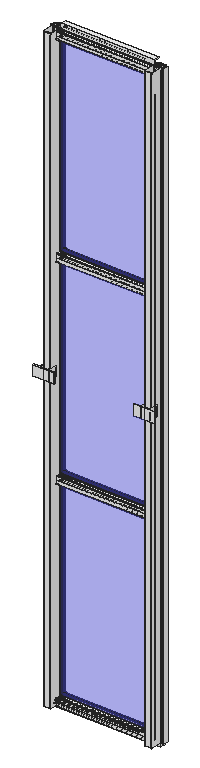
Revit family "Facade_60_Curtain_Wall_I13_Standard", category Windows, host Wall, Revit 2014 (continued)
Definition of nested family "F60 Vertical Profile Side_I13_Std"
  Automatic sketch dimensions
    Extrusion 9 sketch curve to Extrusion 9 sketch curve = 3.038 mm
    Extrusion 9 sketch curve to plane 1 "Center (Front/Back)" = 0.385 mm  (x2)
    Extrusion 9 sketch curve to Extrusion 9 sketch curve = 0.756 mm
    Extrusion 9 sketch curve to Extrusion 9 sketch curve = 2.153 mm
    Extrusion 9 sketch curve to Extrusion 9 sketch curve = 0.631 mm
    Extrusion 9 sketch curve to Extrusion 9 sketch curve = 0.807 mm
    Extrusion 9 sketch curve to Extrusion 9 sketch curve = 1.646 mm
    Extrusion 9 sketch curve to Extrusion 9 sketch curve = 0.707 mm
    Extrusion 9 sketch curve to Extrusion 9 sketch curve = 1.393 mm
    Extrusion 9 sketch curve to Extrusion 9 sketch curve = 1.923 mm
    Extrusion 9 sketch curve to Extrusion 9 sketch curve = 11.937 mm
    Extrusion 9 sketch curve to Extrusion 9 sketch curve = 1.6 mm
    Extrusion 9 sketch curve to Extrusion 9 sketch curve = 0.9 mm  (x2)
    Extrusion 9 sketch curve to Extrusion 9 sketch curve = 1.356 mm  (x2)
    Extrusion 9 sketch curve to Extrusion 9 sketch curve = 0.714 mm
    Extrusion 9 sketch curve to Extrusion 9 sketch curve = 0.02 mm
    Extrusion 9 sketch curve to Extrusion 9 sketch curve = 0.399 mm
    Extrusion 9 sketch curve to Extrusion 9 sketch curve = 2.224 mm
    Extrusion 9 sketch curve to Extrusion 9 sketch curve = 0.448 mm
    Extrusion 9 sketch curve to plane 1 "Center (Front/Back)" = 0.198 mm
    Extrusion 9 sketch curve to plane 1 "Center (Front/Back)" = 0.201 mm
    Extrusion 9 sketch curve to Extrusion 9 sketch curve = 0.032 mm
    Extrusion 9 sketch curve to Extrusion 9 sketch curve = 0 mm
    plane 3 "Center (Left/Right)" to Extrusion 10 sketch curve = 1.014 mm
    Extrusion 10 sketch curve to Extrusion 10 sketch curve = 0.469 mm  (x2)
    plane 3 "Center (Left/Right)" to Extrusion 10 sketch curve = 1.706 mm
    Extrusion 10 sketch curve to Extrusion 10 sketch curve = 1.079 mm
    Extrusion 10 sketch curve to Extrusion 10 sketch curve = 0.864 mm
    Extrusion 10 sketch curve to Extrusion 10 sketch curve = 1.15 mm  (x4)
    Extrusion 10 sketch curve to Extrusion 10 sketch curve = 3.2 mm  (x2)
    Extrusion 10 sketch curve to Extrusion 10 sketch curve = 3.031 mm  (x2)
    Extrusion 10 sketch curve to Extrusion 10 sketch curve = 0.6 mm  (x3)
    Extrusion 10 sketch curve to Extrusion 10 sketch curve = 15.584 mm  (x2)
    Extrusion 10 sketch curve to Extrusion 10 sketch curve = 0.808 mm  (x2)
    Extrusion 10 sketch curve to Extrusion 10 sketch curve = 3.038 mm
    Extrusion 10 sketch curve to Extrusion 10 sketch curve = 0.865 mm
    Extrusion 10 sketch curve to Extrusion 10 sketch curve = 1.25 mm  (x5)
    Extrusion 10 sketch curve to Extrusion 10 sketch curve = 0.61 mm
    plane 1 "Center (Front/Back)" to Extrusion 10 sketch curve = 31.288 mm
    Extrusion 10 sketch curve to Extrusion 10 sketch curve = 0.362 mm
    plane 1 "Center (Front/Back)" to Extrusion 10 sketch curve = 31.65 mm
    Extrusion 10 sketch curve to Extrusion 10 sketch curve = 0.962 mm
    Extrusion 10 sketch curve to Extrusion 10 sketch curve = 0.85 mm
    Extrusion 10 sketch curve to Extrusion 10 sketch curve = 0.512 mm  (x2)
    Extrusion 10 sketch curve to Extrusion 10 sketch curve = 0.4 mm  (x2)
    Extrusion 10 sketch curve to Extrusion 10 sketch curve = 1 mm
    Extrusion 10 sketch curve to Extrusion 10 sketch curve = 2.8 mm
    Extrusion 10 sketch curve to Extrusion 10 sketch curve = 0 mm  (x2)
    Extrusion 10 sketch curve to Extrusion 10 sketch curve = 1.4 mm
    Extrusion 10 sketch curve to Extrusion 10 sketch curve = 0.539 mm  (x2)
    plane 1 "Center (Front/Back)" to Extrusion 10 sketch curve = 28.864 mm
    Extrusion 11 sketch curve to plane 3 "Center (Left/Right)" = 0 mm
    plane 3 "Center (Left/Right)" to Extrusion 11 sketch curve = 0.65 mm
    Extrusion 11 sketch curve to Extrusion 11 sketch curve = 0.128 mm  (x2)
    plane 3 "Center (Left/Right)" to Extrusion 11 sketch curve = 1.014 mm
    plane 3 "Center (Left/Right)" to Extrusion 11 sketch curve = 1.05 mm
    Extrusion 11 sketch curve to Extrusion 11 sketch curve = 0.469 mm  (x2)
    Extrusion 11 sketch curve to Extrusion 11 sketch curve = 1.079 mm
    Extrusion 11 sketch curve to Extrusion 11 sketch curve = 1.317 mm  (x2)
    Extrusion 11 sketch curve to Extrusion 11 sketch curve = 0 mm  (x3)
    plane 3 "Center (Left/Right)" to Extrusion 11 sketch curve = 3.85 mm
    Extrusion 11 sketch curve to Extrusion 11 sketch curve = 0.15 mm  (x2)
    Extrusion 11 sketch curve to Extrusion 11 sketch curve = 26 mm  (x2)
    Extrusion 11 sketch curve to Extrusion 11 sketch curve = 1.05 mm
    Extrusion 11 sketch curve to Extrusion 11 sketch curve = 0.707 mm
    Extrusion 11 sketch curve to Extrusion 11 sketch curve = 0.433 mm
    plane 1 "Center (Front/Back)" to Extrusion 11 sketch curve = 31.288 mm
    plane 1 "Center (Front/Back)" to Extrusion 11 sketch curve = 28.065 mm
    Extrusion 11 sketch curve to Extrusion 11 sketch curve = 1.314 mm
    Extrusion 11 sketch curve to Extrusion 11 sketch curve = 0.65 mm
    Extrusion 11 sketch curve to Extrusion 11 sketch curve = 0.5 mm  (x2)
    plane 1 "Center (Front/Back)" to Extrusion 11 sketch curve = 32.75 mm
    Extrusion 11 sketch curve to Extrusion 11 sketch curve = 0.1 mm  (x3)
    Extrusion 11 sketch curve to Extrusion 11 sketch curve = 1.1 mm  (x2)
    Extrusion 11 sketch curve to Extrusion 11 sketch curve = 8.608 mm
    Extrusion 11 sketch curve to Extrusion 11 sketch curve = 0.962 mm
    Extrusion 12 sketch curve to plane 3 "Center (Left/Right)" = 21.349 mm
    Extrusion 12 sketch curve to Extrusion 12 sketch curve = 6.35 mm
    plane 3 "Center (Left/Right)" to Extrusion 12 sketch curve = 10.403 mm
    plane 1 "Center (Front/Back)" to Extrusion 12 sketch curve = 35.567 mm
    plane 1 "Center (Front/Back)" to Extrusion 12 sketch curve = 10.171 mm
    plane 1 "Center (Front/Back)" to Extrusion 12 sketch curve = 3.821 mm
    Extrusion 13 sketch curve to plane 3 "Center (Left/Right)" = 21.35 mm
    Extrusion 13 sketch curve to Extrusion 13 sketch curve = 6.35 mm
    plane 3 "Center (Left/Right)" to Extrusion 13 sketch curve = 10.402 mm
    plane 1 "Center (Front/Back)" to Extrusion 13 sketch curve = 33.172 mm
    plane 1 "Center (Front/Back)" to Extrusion 13 sketch curve = 7.775 mm
    plane 1 "Center (Front/Back)" to Extrusion 13 sketch curve = 1.425 mm
    Extrusion 14 sketch curve to plane 3 "Center (Left/Right)" = 0 mm
    plane 3 "Center (Left/Right)" to Extrusion 14 sketch curve = 1.2 mm
    Extrusion 14 sketch curve to Extrusion 14 sketch curve = 9.6 mm
    Extrusion 14 sketch curve to Extrusion 14 sketch curve = 1.2 mm  (x3)
    plane 1 "Center (Front/Back)" to Extrusion 14 sketch curve = 25.775 mm
    plane 1 "Center (Front/Back)" to Extrusion 14 sketch curve = 8.975 mm
    curve 4 to Extrusion 6 = 0 mm
    curve 3 to Extrusion 6 = 0 mm
    curve 1 to Extrusion 6 = 0 mm
    curve 4 to Extrusion 6 = 3.6 mm
    curve 3 to Extrusion 6 = 3.6 mm
    curve 1 to Extrusion 6 = 3.6 mm
    Extrusion 6 to curve 2 = 1 mm
    Extrusion 6 to curve 5 = 1 mm
    Extrusion 6 to curve 6 = 1 mm
    curve 6 to Extrusion 6 = 1 mm
    curve 5 to Extrusion 6 = 1 mm
    curve 2 to Extrusion 6 = 1 mm
    curve 9 to Extrusion 6 = 0 mm
    curve 8 to Extrusion 6 = 0 mm
    curve 7 to Extrusion 6 = 0 mm
    Extrusion 6 to curve 8 = 3.6 mm
    Extrusion 6 to curve 9 = 3.6 mm
    Extrusion 6 to curve 7 = 3.6 mm
    curve 12 to Extrusion 5 = 25.894 mm
    curve 11 to Extrusion 5 = 25.894 mm
    curve 10 to Extrusion 5 = 25.894 mm
    curve 10 to Extrusion 5 = 0.108 mm
    Extrusion 5 to curve 12 = 0.703 mm
    Extrusion 5 to curve 11 = 0.703 mm
    curve 13 to Extrusion 5 = 4 mm
    curve 14 to Extrusion 5 = 4 mm
    curve 15 to Extrusion 5 = 4 mm
    Extrusion 5 to curve 15 = 0.702 mm
    Extrusion 5 to curve 14 = 0.702 mm
    Extrusion 5 to curve 13 = 0.702 mm
    curve 18 to Extrusion 7 = 0 mm
    curve 17 to Extrusion 7 = 0 mm
    curve 16 to Extrusion 7 = 0 mm
    Extrusion 7 to curve 17 = 3.6 mm
    Extrusion 7 to curve 18 = 3.6 mm
    Extrusion 7 to curve 16 = 3.6 mm
    Extrusion 7 to curve 21 = 1 mm  (x2)
    Extrusion 7 to curve 20 = 1 mm  (x2)
    Extrusion 7 to curve 19 = 1 mm  (x2)
    curve 24 to Extrusion 7 = 0 mm
    curve 23 to Extrusion 7 = 0 mm
    curve 22 to Extrusion 7 = 0 mm
    curve 24 to Extrusion 7 = 3.6 mm
    curve 23 to Extrusion 7 = 3.6 mm
    curve 22 to Extrusion 7 = 3.6 mm
    curve 27 to Extrusion 8 = 0 mm
    curve 26 to Extrusion 8 = 0 mm
    curve 25 to Extrusion 8 = 0 mm
    Extrusion 8 to curve 26 = 3.6 mm
    Extrusion 8 to curve 27 = 3.6 mm
    Extrusion 8 to curve 25 = 3.6 mm
    Extrusion 8 to curve 30 = 0.221 mm
    Extrusion 8 to curve 29 = 0.221 mm
    Extrusion 8 to curve 28 = 0.221 mm
    curve 29 to Extrusion 8 = 0.222 mm
    curve 30 to Extrusion 8 = 0.222 mm
    curve 28 to Extrusion 8 = 0.222 mm
    curve 33 to Extrusion 8 = 0 mm
    curve 32 to Extrusion 8 = 0 mm
    curve 31 to Extrusion 8 = 0 mm
    curve 33 to Extrusion 8 = 3.6 mm
    curve 32 to Extrusion 8 = 3.6 mm
    curve 31 to Extrusion 8 = 3.6 mm
    curve 34 to Extrusion 11 = 4.016 mm
    curve 35 to Extrusion 11 = 4.016 mm
    curve 36 to Extrusion 11 = 3.97 mm
    Extrusion 11 to curve 36 = 0.637 mm
    Extrusion 11 to curve 35 = 0.637 mm
    Extrusion 11 to curve 34 = 0.637 mm
    curve 37 to Extrusion 11 = 29.221 mm
    curve 38 to Extrusion 11 = 29.221 mm
    curve 39 to Extrusion 11 = 29.221 mm
    Extrusion 11 to curve 39 = 3.222 mm
    Extrusion 11 to curve 38 = 3.222 mm
    Extrusion 11 to curve 37 = 3.222 mm
Definition of nested family "F60 Horizontal Profile Top_I13_Std"
  Parameters (values of type "F60 Horizontal Profile Top")
    Thermal Break Material [instance] = none
    Single Glazing [instance] = yes
    Profile Material [instance] = none
    Length [instance] = 250 mm
    Double Glazing [instance] = yes
  Reference planes
    plane 1 "Center (Front/Back)": y = 0
    plane 2: z = 0
    plane 3 "Center (Left/Right)": x = 0
  Forms (mm)
    Extrusion 1, solid, material <- "Profile Material"
      sketch origin (0, 0, 0) x (0, 1, 0) y (0, 0, 1)
        loop
          line (-9.94, 7.845) -> (-8.37, 6.275) -> (-1.2, 10.415) -> (-1.2, 1.2) -> (-5, 1.2) -> (-5, 0) -> (-1, 0)
          arc (-1, 0) -> (-0.293, 0.293) -> (0, 1) r 1
          line (0, 1) -> (0, 30) -> (0, 59)
          arc (0, 59) -> (-0.293, 59.707) -> (-1, 60) r 1
          line (-1, 60) -> (-5, 60) -> (-5, 58.8) -> (-1.2, 58.8) -> (-1.2, 49.585) -> (-8.37, 53.725) -> (-9.94, 52.155)
          arc (-9.94, 52.155) -> (-9.902, 51.269) -> (-9.016, 51.232) r 0.655
          line (-9.016, 51.232) -> (-8.077, 52.17) -> (-1.2, 48.2) -> (-1.2, 30) -> (-1.2, 11.8) -> (-8.077, 7.83) -> (-9.016, 8.768)
          arc (-9.016, 8.768) -> (-9.902, 8.731) -> (-9.94, 7.845) r 0.655
      from 0 to 250 <- "Length"
    Extrusion 2, solid, material <- "Profile Material"
      sketch origin (0, 0, 0) x (0, 1, 0) y (0, 0, 1)
        loop
          line (-5, 60) -> (-44.6, 60) -> (-44.6, 58.35) -> (-39.944, 58.35) -> (-39.944, 1.65) -> (-44.6, 1.65) -> (-44.6, 0) -> (-5, 0) -> (-5, 2.2) -> (-4.2, 2.2) -> (-4.2, 3.018)
          arc (-4.2, 3.018) -> (-4.352, 3.783) -> (-4.786, 4.432) r 2
          line (-4.786, 4.432) -> (-7.054, 6.7) -> (-8, 6.489) -> (-8, 5.7) -> (-7.205, 5.7) -> (-7.205, 2.95) -> (-8, 2.95) -> (-8, 1.95) -> (-12.752, 1.95) -> (-12.752, 6.7) -> (-14.152, 6.7) -> (-14.152, 1.65) -> (-38.65, 1.65) -> (-38.65, 8.33) -> (-37.097, 8.33) -> (-34.666, 6.973)
          arc (-34.666, 6.973) -> (-33.846, 7.192) -> (-34.066, 8.012) r 0.6
          line (-34.066, 8.012) -> (-37.128, 9.78) -> (-38.65, 9.78) -> (-38.65, 12.65) -> (-37.6, 13.7) -> (-37.6, 20.3) -> (-38.65, 21.35) -> (-38.65, 38.65) -> (-37.6, 39.7) -> (-37.6, 46.3) -> (-38.65, 47.35) -> (-38.65, 50.22) -> (-37.128, 50.22) -> (-34.066, 51.988)
          arc (-34.066, 51.988) -> (-33.846, 52.808) -> (-34.666, 53.027) r 0.6
          line (-34.666, 53.027) -> (-37.032, 51.661) -> (-38.65, 51.661) -> (-38.65, 58.35) -> (-14.152, 58.35) -> (-14.152, 53.3) -> (-12.752, 53.3) -> (-12.752, 58.05) -> (-8, 58.05) -> (-8, 57.05) -> (-7.205, 57.05) -> (-7.205, 54.3) -> (-8, 54.3) -> (-8, 53.511) -> (-7.054, 53.3) -> (-4.786, 55.568)
          arc (-4.786, 55.568) -> (-4.352, 56.217) -> (-4.2, 56.982) r 2
          line (-4.2, 56.982) -> (-4.2, 57.8) -> (-5, 57.8) -> (-5, 60)
      from 0 to 250 <- "Length"
    Extrusion 3, solid, material <- "Thermal Break Material"
      sketch origin (0, 0, 0) x (0, 1, 0) y (0, 0, 1)
        loop
          line (-40, 1.75) -> (-40, 30) -> (-40, 58.25) -> (-44.6, 58.25) -> (-44.6, 60) -> (-45.9, 60) -> (-45.9, 53.65) -> (-41.788, 53.65)
          arc (-41.788, 53.65) -> (-41.363, 53.474) -> (-41.187, 53.05) r 0.6
          line (-41.187, 53.05) -> (-41.187, 30) -> (-41.187, 6.95)
          arc (-41.187, 6.95) -> (-41.363, 6.526) -> (-41.788, 6.35) r 0.6
          line (-41.788, 6.35) -> (-45.9, 6.35) -> (-45.9, 0) -> (-44.6, 0) -> (-44.6, 1.75) -> (-40, 1.75)
      from 0 to 250 <- "Length"
    Extrusion 4, solid, material <- "Profile Material"
      sketch origin (0, 0, 0) x (0, 1, 0) y (0, 0, 1)
        loop
          line (-58.5, 25.249) -> (-43.6, 25.249)
          arc (-43.6, 25.249) -> (-43.034, 25.015) -> (-42.8, 24.449) r 0.8
          line (-42.8, 24.449) -> (-42.8, 7.9) -> (-44.4, 7.9) -> (-44.4, 9.45) -> (-45.25, 9.45)
          arc (-45.25, 9.45) -> (-45.674, 9.274) -> (-45.85, 8.85) r 0.6
          line (-45.85, 8.85) -> (-45.85, 7.9) -> (-48.8, 7.9)
          arc (-48.8, 7.9) -> (-49.3, 8.4) -> (-49.8, 7.9) r 0.5
          line (-49.8, 7.9) -> (-49.8, 5.55) -> (-48.65, 5.55) -> (-48.65, 6.7) -> (-47.35, 6.7) -> (-47.35, 1.2) -> (-48.65, 1.2) -> (-48.65, 2.35) -> (-49.8, 2.35) -> (-49.8, 0.5)
          arc (-49.8, 0.5) -> (-49.654, 0.146) -> (-49.3, 0) r 0.5
          line (-49.3, 0) -> (-45.9, 0) -> (-45.9, 6.45) -> (-42.2, 6.45)
          arc (-42.2, 6.45) -> (-41.634, 6.684) -> (-41.4, 7.25) r 0.8
          line (-41.4, 7.25) -> (-41.4, 30) -> (-41.4, 52.75)
          arc (-41.4, 52.75) -> (-41.634, 53.316) -> (-42.2, 53.55) r 0.8
          line (-42.2, 53.55) -> (-45.9, 53.55) -> (-45.9, 60) -> (-49.3, 60)
          arc (-49.3, 60) -> (-49.654, 59.854) -> (-49.8, 59.5) r 0.5
          line (-49.8, 59.5) -> (-49.8, 57.65) -> (-48.65, 57.65) -> (-48.65, 58.8) -> (-47.35, 58.8) -> (-47.35, 53.3) -> (-48.65, 53.3) -> (-48.65, 54.45) -> (-49.8, 54.45) -> (-49.8, 52.1)
          arc (-49.8, 52.1) -> (-49.3, 51.6) -> (-48.8, 52.1) r 0.5
          line (-48.8, 52.1) -> (-45.85, 52.1) -> (-45.85, 51.15)
          arc (-45.85, 51.15) -> (-45.674, 50.726) -> (-45.25, 50.55) r 0.6
          line (-45.25, 50.55) -> (-44.4, 50.55) -> (-44.4, 52.1) -> (-42.8, 52.1) -> (-42.8, 35.551)
          arc (-42.8, 35.551) -> (-43.034, 34.985) -> (-43.6, 34.751) r 0.8
          line (-43.6, 34.751) -> (-58.5, 34.751)
          arc (-58.5, 34.751) -> (-59.066, 34.516) -> (-59.3, 33.951) r 0.8
          line (-59.3, 33.951) -> (-59.3, 32.902) -> (-42.8, 32.902) -> (-42.8, 27.1) -> (-59.3, 27.1) -> (-59.3, 26.049)
          arc (-59.3, 26.049) -> (-59.066, 25.484) -> (-58.5, 25.249) r 0.8
      from 0 to 250 <- "Length"
    Extrusion 5, solid, material <- "Thermal Break Material", visible <- "Single Glazing"
      sketch origin (0, 0, 0) x (0, 1, 0) y (0, 0, 1)
        loop
          arc (-63.8, 25.751) -> (-63.654, 25.397) -> (-63.3, 25.251) r 0.5
          line (-63.3, 25.251) -> (-59.8, 25.251)
          arc (-59.8, 25.251) -> (-59.446, 25.397) -> (-59.3, 25.751) r 0.5
          line (-59.3, 25.751) -> (-59.3, 27.648) -> (-49.599, 27.648) -> (-47.528, 28.651)
          arc (-47.528, 28.651) -> (-46.803, 30.001) -> (-47.528, 31.351) r 1.62
          line (-47.528, 31.351) -> (-49.599, 32.353) -> (-59.3, 32.353) -> (-59.3, 34.251)
          arc (-59.3, 34.251) -> (-59.446, 34.604) -> (-59.8, 34.751) r 0.5
          line (-59.8, 34.751) -> (-63.3, 34.751)
          arc (-63.3, 34.751) -> (-63.654, 34.604) -> (-63.8, 34.251) r 0.5
          line (-63.8, 34.251) -> (-63.8, 32.328) -> (-62.4, 31.52) -> (-62.4, 28.483) -> (-63.8, 27.673) -> (-63.8, 25.751)
        loop
          line (-59.794, 28.506) -> (-59.006, 29.294)
          arc (-59.006, 29.294) -> (-58.788, 29.618) -> (-58.713, 30.001) r 0.986
          arc (-58.713, 30.001) -> (-58.79, 30.384) -> (-59.008, 30.71) r 1.007
          line (-59.008, 30.71) -> (-59.794, 31.496) -> (-60.65, 31.496)
          arc (-60.65, 31.496) -> (-61.004, 31.349) -> (-61.15, 30.996) r 0.5
          line (-61.15, 30.996) -> (-61.15, 29.006)
          arc (-61.15, 29.006) -> (-61.004, 28.652) -> (-60.65, 28.506) r 0.5
          line (-60.65, 28.506) -> (-59.794, 28.506)
        loop
          line (-47.854, 30.898) -> (-49.415, 31.653) -> (-56.782, 31.653)
          arc (-56.782, 31.653) -> (-57.207, 31.417) -> (-57.23, 30.932) r 0.5
          arc (-57.23, 30.932) -> (-57.013, 30.001) -> (-57.23, 29.07) r 2.099
          arc (-57.23, 29.07) -> (-57.207, 28.584) -> (-56.782, 28.348) r 0.5
          line (-56.782, 28.348) -> (-49.415, 28.348) -> (-48.055, 29.007)
          arc (-48.055, 29.007) -> (-47.35, 29.888) -> (-47.854, 30.898) r 1.047
      from 0 to 250 <- "Length"
    Extrusion 6, solid, material <- "Profile Material", visible <- "Single Glazing"
      sketch origin (0, 0, 0) x (0, 1, 0) y (0, 0, 1)
        loop
          line (-63.8, 52.694) -> (-64.8, 52.694) -> (-64.8, 51.544) -> (-66.05, 51.544) -> (-66.05, 57.044) -> (-64.8, 57.044) -> (-64.8, 55.894) -> (-63.8, 55.894) -> (-63.8, 58.294)
          arc (-63.8, 58.294) -> (-64.082, 58.803) -> (-64.664, 58.835) r 0.6
          line (-64.664, 58.835) -> (-66.562, 57.91) -> (-67.088, 58.988) -> (-68.05, 58.519) -> (-68.05, 48.513)
          arc (-68.05, 48.513) -> (-67.874, 48.089) -> (-67.45, 47.913) r 0.6
          line (-67.45, 47.913) -> (-66.6, 47.913) -> (-66.6, 12.09) -> (-67.45, 12.09)
          arc (-67.45, 12.09) -> (-67.874, 11.914) -> (-68.05, 11.49) r 0.6
          line (-68.05, 11.49) -> (-68.05, 1.485) -> (-67.088, 1.016) -> (-66.562, 2.095) -> (-64.663, 1.169)
          arc (-64.663, 1.169) -> (-64.082, 1.2) -> (-63.8, 1.709) r 0.6
          line (-63.8, 1.709) -> (-63.8, 4.109) -> (-64.8, 4.109) -> (-64.8, 2.959) -> (-66.05, 2.959) -> (-66.05, 8.459) -> (-64.8, 8.459) -> (-64.8, 7.309) -> (-63.8, 7.309) -> (-63.8, 27.674) -> (-62.4, 28.483) -> (-62.4, 31.521) -> (-63.8, 32.329) -> (-63.8, 52.694)
      from 0 to 250 <- "Length"
    Extrusion 7, solid, material <- "Profile Material", visible <- "Single Glazing"
      sketch origin (0, 0, 0) x (0, 1, 0) y (0, 0, 1)
        loop
          line (-68.551, 3.3) -> (-76.559, 3.3) -> (-76.559, 30) -> (-76.559, 56.15)
          arc (-76.559, 56.15) -> (-75.739, 58.13) -> (-73.759, 58.95) r 2.8
          line (-73.759, 58.95) -> (-69.151, 58.95) -> (-69.151, 57.2)
          arc (-69.151, 57.2) -> (-68.987, 56.829) -> (-68.601, 56.703) r 0.5
          arc (-68.601, 56.703) -> (-68.216, 56.829) -> (-68.051, 57.2) r 0.5
          line (-68.051, 57.2) -> (-68.051, 58.517) -> (-67.089, 58.986) -> (-66.563, 57.907) -> (-63.866, 59.222)
          arc (-63.866, 59.222) -> (-64.001, 59.762) -> (-64.504, 60) r 0.65
          line (-64.504, 60) -> (-73.859, 60)
          arc (-73.859, 60) -> (-76.687, 58.828) -> (-77.859, 56) r 4
          line (-77.859, 56) -> (-77.859, 30) -> (-77.859, 2.493)
          arc (-77.859, 2.493) -> (-77.197, 0.799) -> (-75.562, 0.002) r 2.5
          arc (-75.562, 0.002) -> (-75.182, 0.132) -> (-75.021, 0.5) r 0.5
          line (-75.021, 0.5) -> (-75.021, 2) -> (-69.151, 2) -> (-69.151, 0.5)
          arc (-69.151, 0.5) -> (-69.005, 0.146) -> (-68.651, 0) r 0.5
          line (-68.651, 0) -> (-64.504, 0)
          arc (-64.504, 0) -> (-64.001, 0.238) -> (-63.866, 0.778) r 0.65
          line (-63.866, 0.778) -> (-66.563, 2.093) -> (-67.089, 1.014) -> (-68.051, 1.483) -> (-68.051, 2.8)
          arc (-68.051, 2.8) -> (-68.198, 3.154) -> (-68.551, 3.3) r 0.5
      from 0 to 250 <- "Length"
    Extrusion 8, solid, material <- "Thermal Break Material", visible <- "Double Glazing"
      sketch origin (0, 0, 0) x (0, 1, 0) y (0, 0, 1)
        loop
          line (-77.8, 27.673) -> (-77.8, 25.751)
          arc (-77.8, 25.751) -> (-77.654, 25.397) -> (-77.3, 25.251) r 0.5
          line (-77.3, 25.251) -> (-59.8, 25.251)
          arc (-59.8, 25.251) -> (-59.446, 25.397) -> (-59.3, 25.751) r 0.5
          line (-59.3, 25.751) -> (-59.3, 27.647) -> (-49.599, 27.647) -> (-47.528, 28.649)
          arc (-47.528, 28.649) -> (-46.803, 29.999) -> (-47.528, 31.349) r 1.62
          line (-47.528, 31.349) -> (-49.602, 32.353) -> (-59.3, 32.353) -> (-59.3, 34.251)
          arc (-59.3, 34.251) -> (-59.446, 34.604) -> (-59.8, 34.751) r 0.5
          line (-59.8, 34.751) -> (-77.3, 34.751)
          arc (-77.3, 34.751) -> (-77.654, 34.604) -> (-77.8, 34.251) r 0.5
          line (-77.8, 34.251) -> (-77.8, 32.327) -> (-76.4, 31.52) -> (-76.4, 28.482) -> (-77.8, 27.673)
        loop
          line (-59.006, 30.708) -> (-61.156, 32.858)
          arc (-61.156, 32.858) -> (-61.48, 33.074) -> (-61.863, 33.151) r 1
          line (-61.863, 33.151) -> (-73.8, 33.151)
          arc (-73.8, 33.151) -> (-74.507, 32.858) -> (-74.8, 32.151) r 1
          line (-74.8, 32.151) -> (-74.8, 27.851)
          arc (-74.8, 27.851) -> (-74.507, 27.144) -> (-73.8, 26.851) r 1
          line (-73.8, 26.851) -> (-61.863, 26.851)
          arc (-61.863, 26.851) -> (-61.48, 26.927) -> (-61.156, 27.144) r 1
          line (-61.156, 27.144) -> (-59.006, 29.294)
          arc (-59.006, 29.294) -> (-58.788, 29.618) -> (-58.713, 30.001) r 0.986
          arc (-58.713, 30.001) -> (-58.79, 30.383) -> (-59.006, 30.708) r 1.007
        loop
          line (-56.782, 28.347) -> (-49.415, 28.347) -> (-48.055, 29.005)
          arc (-48.055, 29.005) -> (-47.35, 29.887) -> (-47.854, 30.896) r 1.047
          line (-47.854, 30.896) -> (-49.415, 31.652) -> (-56.782, 31.652)
          arc (-56.782, 31.652) -> (-57.207, 31.416) -> (-57.23, 30.93) r 0.5
          arc (-57.23, 30.93) -> (-57.013, 29.999) -> (-57.23, 29.068) r 2.099
          arc (-57.23, 29.068) -> (-57.207, 28.583) -> (-56.782, 28.347) r 0.5
      from 0 to 250 <- "Length"
    Extrusion 9, solid, material <- "Profile Material", visible <- "Double Glazing"
      sketch origin (0, 0, 0) x (0, 1, 0) y (0, 0, 1)
        loop
          line (-77.8, 52.694) -> (-78.8, 52.694) -> (-78.8, 51.544) -> (-80.05, 51.544) -> (-80.05, 57.044) -> (-78.8, 57.044) -> (-78.8, 55.894) -> (-77.8, 55.894) -> (-77.8, 58.294)
          arc (-77.8, 58.294) -> (-78.082, 58.802) -> (-78.664, 58.834) r 0.6
          line (-78.664, 58.834) -> (-80.562, 57.909) -> (-81.088, 58.988) -> (-82.05, 58.518) -> (-82.05, 48.512)
          arc (-82.05, 48.512) -> (-81.874, 48.088) -> (-81.45, 47.912) r 0.6
          line (-81.45, 47.912) -> (-80.6, 47.912) -> (-80.6, 12.089) -> (-81.45, 12.089)
          arc (-81.45, 12.089) -> (-81.874, 11.913) -> (-82.05, 11.489) r 0.6
          line (-82.05, 11.489) -> (-82.05, 1.484) -> (-81.088, 1.015) -> (-80.562, 2.094) -> (-78.663, 1.169)
          arc (-78.663, 1.169) -> (-78.082, 1.199) -> (-77.8, 1.708) r 0.6
          line (-77.8, 1.708) -> (-77.8, 4.108) -> (-78.8, 4.108) -> (-78.8, 2.958) -> (-80.05, 2.958) -> (-80.05, 8.458) -> (-78.8, 8.458) -> (-78.8, 7.308) -> (-77.8, 7.308) -> (-77.8, 27.673) -> (-76.4, 28.482) -> (-76.4, 31.52) -> (-77.8, 32.328) -> (-77.8, 52.694)
      from 0 to 250 <- "Length"
    Extrusion 10, solid, material <- "Profile Material", visible <- "Double Glazing"
      sketch origin (0, 0, 0) x (0, 1, 0) y (0, 0, 1)
        loop
          line (-82.551, 3.3) -> (-90.558, 3.3) -> (-90.558, 30) -> (-90.558, 56.15)
          arc (-90.558, 56.15) -> (-89.738, 58.13) -> (-87.758, 58.95) r 2.8
          line (-87.758, 58.95) -> (-83.151, 58.95) -> (-83.151, 57.2)
          arc (-83.151, 57.2) -> (-82.986, 56.829) -> (-82.601, 56.703) r 0.5
          arc (-82.601, 56.703) -> (-82.215, 56.829) -> (-82.051, 57.2) r 0.5
          line (-82.051, 57.2) -> (-82.051, 58.517) -> (-81.088, 58.986) -> (-80.563, 57.907) -> (-77.866, 59.222)
          arc (-77.866, 59.222) -> (-78, 59.762) -> (-78.503, 60) r 0.65
          line (-78.503, 60) -> (-87.858, 60)
          arc (-87.858, 60) -> (-90.687, 58.828) -> (-91.858, 56) r 4
          line (-91.858, 56) -> (-91.858, 30) -> (-91.858, 2.493)
          arc (-91.858, 2.493) -> (-91.196, 0.799) -> (-89.561, 0.002) r 2.5
          arc (-89.561, 0.002) -> (-89.182, 0.132) -> (-89.021, 0.5) r 0.5
          line (-89.021, 0.5) -> (-89.021, 2) -> (-83.151, 2) -> (-83.151, 0.5)
          arc (-83.151, 0.5) -> (-83.004, 0.146) -> (-82.651, 0) r 0.5
          line (-82.651, 0) -> (-78.503, 0)
          arc (-78.503, 0) -> (-78, 0.238) -> (-77.866, 0.778) r 0.65
          line (-77.866, 0.778) -> (-80.563, 2.093) -> (-81.088, 1.014) -> (-82.051, 1.483) -> (-82.051, 2.8)
          arc (-82.051, 2.8) -> (-82.197, 3.154) -> (-82.551, 3.3) r 0.5
      from 0 to 250 <- "Length"
    Extrusion 11, solid, material <- "Profile Material", visible <- "Double Glazing"
      sketch origin (0, 0, 0) x (0, 1, 0) y (0, 0, 1)
        loop
          line (-57.8, 45.73) -> (-51.8, 45.73) -> (-51.8, 95.73) -> (-101.8, 95.73) -> (-101.8, 89.73) -> (-57.8, 89.73) -> (-57.8, 45.73)
      from 0 to 250 <- "Length"
    Extrusion 12, solid, material <- "Profile Material", visible <- "Double Glazing"
      sketch origin (0, 0, 0) x (0, 1, 0) y (0, 0, 1)
        loop
          line (-75.8, 48) -> (-57.8, 48) -> (-57.8, 60) -> (-75.8, 60) -> (-75.8, 48)
        loop
          line (-74.6, 49.2) -> (-59, 49.2) -> (-59, 58.8) -> (-74.6, 58.8) -> (-74.6, 49.2)
      from 0 to 250 <- "Length"
    Extrusion 13, solid, material <- "Profile Material", visible <- "Single Glazing"
      sketch origin (0, 0, 0) x (0, 1, 0) y (0, 0, 1)
        loop
          line (-59.8, 45.865) -> (-53.8, 45.865) -> (-53.8, 95.865) -> (-103.8, 95.865) -> (-103.8, 89.865) -> (-59.8, 89.865) -> (-59.8, 45.865)
      from 0 to 250 <- "Length"
  Dimensions and locks
    aligned and locked: level to plane 2
Definition of nested family "F60 Sill_I13_Std"
  Parameters (values of type "F60 Sill")
    Profile Material [instance] = none
    Length Sill [instance] = 250 mm
  Reference planes
    plane 1 "Center (Front/Back)": y = 0
    plane 2: z = 0
    plane 3 "Center (Left/Right)": x = 0
  Forms (mm)
    Extrusion 1, solid, material <- "Profile Material"
      sketch origin (0, 0, 0) x (0, 1, 0) y (0, 0, 1)
        loop
          line (-42.734, 5.324) -> (-48.256, 4.643)
          arc (-48.256, 4.643) -> (-49.196, 4.147) -> (-49.572, 3.154) r 1.5
          line (-49.572, 3.154) -> (-49.572, 1.88) -> (-47.772, 1.88) -> (-47.772, 3.191) -> (-19.233, 6.714)
          arc (-19.233, 6.714) -> (-17.924, 7.083) -> (-16.785, 7.826) r 4.5
          line (-16.785, 7.826) -> (-16.785, 1.88) -> (-15.285, 1.88) -> (-15.285, 24.58)
          arc (-15.285, 24.58) -> (-15.109, 25.004) -> (-14.685, 25.18) r 0.6
          line (-14.685, 25.18) -> (-4.072, 25.18) -> (-4.072, 1.88) -> (-2.572, 1.88) -> (-2.572, 29.88) -> (-4.072, 29.88) -> (-4.072, 28.88) -> (-5.222, 28.88) -> (-5.222, 27.68) -> (-4.072, 27.68) -> (-4.072, 26.38) -> (-9.572, 26.38) -> (-9.572, 27.68) -> (-8.422, 27.68) -> (-8.422, 28.88) -> (-10.172, 28.88)
          arc (-10.172, 28.88) -> (-10.597, 28.704) -> (-10.772, 28.28) r 0.6
          line (-10.772, 28.28) -> (-10.772, 26.38) -> (-15.285, 26.38)
          arc (-15.285, 26.38) -> (-16.345, 25.941) -> (-16.785, 24.88) r 1.5
          line (-16.785, 24.88) -> (-16.785, 11.18)
          arc (-16.785, 11.18) -> (-17.537, 9.193) -> (-19.417, 8.203) r 3
          line (-19.417, 8.203) -> (-39.35, 5.742)
          arc (-39.35, 5.742) -> (-40.527, 6.107) -> (-41.034, 7.231) r 1.5
          line (-41.034, 7.231) -> (-41.034, 19.996)
          arc (-41.034, 19.996) -> (-40.883, 20.394) -> (-40.507, 20.592) r 0.6
          line (-40.507, 20.592) -> (-32.917, 21.529)
          arc (-32.917, 21.529) -> (-31.977, 22.024) -> (-31.601, 23.017) r 1.5
          line (-31.601, 23.017) -> (-31.601, 28.88) -> (-33.101, 28.88) -> (-33.101, 23.548)
          arc (-33.101, 23.548) -> (-33.251, 23.15) -> (-33.627, 22.952) r 0.6
          line (-33.627, 22.952) -> (-45.787, 21.451)
          arc (-45.787, 21.451) -> (-46.727, 20.956) -> (-47.104, 19.962) r 1.5
          line (-47.104, 19.962) -> (-47.104, 19.054)
          arc (-47.104, 19.054) -> (-46.957, 18.7) -> (-46.604, 18.554) r 0.5
          line (-46.604, 18.554) -> (-45.604, 18.554) -> (-45.604, 19.962) -> (-42.734, 20.317) -> (-42.734, 5.324)
      from 0 to 250 <- "Length Sill"
  Dimensions and locks
    aligned and locked: level to plane 2
Definition of nested family "F60 Horizontal Profile Bottom_I13_Std"
  Parameters (values of type "F60 Horizontal Profile Bottom")
    Thermal Break Material [instance] = none
    Single Glazing [instance] = yes
    Profile Material [instance] = none
    Length [instance] = 250 mm
    Double Glazing [instance] = yes
  Reference planes
    plane 1 "Center (Front/Back)": y = 0
    plane 2: z = 0
    plane 3 "Center (Left/Right)": x = 0
  Forms (mm)
    Extrusion 1, solid, material <- "Profile Material"
      sketch origin (0, 0, 0) x (0, 1, 0) y (0, 0, 1)
        loop
          line (-9.94, 7.845) -> (-8.37, 6.275) -> (-1.2, 10.415) -> (-1.2, 1.2) -> (-5, 1.2) -> (-5, 0) -> (-1, 0)
          arc (-1, 0) -> (-0.293, 0.293) -> (0, 1) r 1
          line (0, 1) -> (0, 30) -> (0, 59)
          arc (0, 59) -> (-0.293, 59.707) -> (-1, 60) r 1
          line (-1, 60) -> (-5, 60) -> (-5, 58.8) -> (-1.2, 58.8) -> (-1.2, 49.585) -> (-8.37, 53.725) -> (-9.94, 52.155)
          arc (-9.94, 52.155) -> (-9.902, 51.269) -> (-9.016, 51.232) r 0.655
          line (-9.016, 51.232) -> (-8.077, 52.17) -> (-1.2, 48.2) -> (-1.2, 30) -> (-1.2, 11.8) -> (-8.077, 7.83) -> (-9.016, 8.768)
          arc (-9.016, 8.768) -> (-9.902, 8.731) -> (-9.94, 7.845) r 0.655
      from 0 to 250 <- "Length"
    Extrusion 2, solid, material <- "Profile Material"
      sketch origin (0, 0, 0) x (0, 1, 0) y (0, 0, 1)
        loop
          line (-5, 60) -> (-44.6, 60) -> (-44.6, 58.35) -> (-39.944, 58.35) -> (-39.944, 1.65) -> (-44.6, 1.65) -> (-44.6, 0) -> (-5, 0) -> (-5, 2.2) -> (-4.2, 2.2) -> (-4.2, 3.018)
          arc (-4.2, 3.018) -> (-4.352, 3.783) -> (-4.786, 4.432) r 2
          line (-4.786, 4.432) -> (-7.054, 6.7) -> (-8, 6.489) -> (-8, 5.7) -> (-7.205, 5.7) -> (-7.205, 2.95) -> (-8, 2.95) -> (-8, 1.95) -> (-12.752, 1.95) -> (-12.752, 6.7) -> (-14.152, 6.7) -> (-14.152, 1.65) -> (-38.65, 1.65) -> (-38.65, 8.33) -> (-37.097, 8.33) -> (-34.666, 6.973)
          arc (-34.666, 6.973) -> (-33.846, 7.192) -> (-34.066, 8.012) r 0.6
          line (-34.066, 8.012) -> (-37.128, 9.78) -> (-38.65, 9.78) -> (-38.65, 12.65) -> (-37.6, 13.7) -> (-37.6, 20.3) -> (-38.65, 21.35) -> (-38.65, 38.65) -> (-37.6, 39.7) -> (-37.6, 46.3) -> (-38.65, 47.35) -> (-38.65, 50.22) -> (-37.128, 50.22) -> (-34.066, 51.988)
          arc (-34.066, 51.988) -> (-33.846, 52.808) -> (-34.666, 53.027) r 0.6
          line (-34.666, 53.027) -> (-37.032, 51.661) -> (-38.65, 51.661) -> (-38.65, 58.35) -> (-14.152, 58.35) -> (-14.152, 53.3) -> (-12.752, 53.3) -> (-12.752, 58.05) -> (-8, 58.05) -> (-8, 57.05) -> (-7.205, 57.05) -> (-7.205, 54.3) -> (-8, 54.3) -> (-8, 53.511) -> (-7.054, 53.3) -> (-4.786, 55.568)
          arc (-4.786, 55.568) -> (-4.352, 56.217) -> (-4.2, 56.982) r 2
          line (-4.2, 56.982) -> (-4.2, 57.8) -> (-5, 57.8) -> (-5, 60)
      from 0 to 250 <- "Length"
    Extrusion 3, solid, material <- "Thermal Break Material"
      sketch origin (0, 0, 0) x (0, 1, 0) y (0, 0, 1)
        loop
          line (-40, 1.75) -> (-40, 30) -> (-40, 58.25) -> (-44.6, 58.25) -> (-44.6, 60) -> (-45.9, 60) -> (-45.9, 53.65) -> (-41.788, 53.65)
          arc (-41.788, 53.65) -> (-41.363, 53.474) -> (-41.187, 53.05) r 0.6
          line (-41.187, 53.05) -> (-41.187, 30) -> (-41.187, 6.95)
          arc (-41.187, 6.95) -> (-41.363, 6.526) -> (-41.788, 6.35) r 0.6
          line (-41.788, 6.35) -> (-45.9, 6.35) -> (-45.9, 0) -> (-44.6, 0) -> (-44.6, 1.75) -> (-40, 1.75)
      from 0 to 250 <- "Length"
    Extrusion 4, solid, material <- "Profile Material"
      sketch origin (0, 0, 0) x (0, 1, 0) y (0, 0, 1)
        loop
          line (-58.5, 25.249) -> (-43.6, 25.249)
          arc (-43.6, 25.249) -> (-43.034, 25.015) -> (-42.8, 24.449) r 0.8
          line (-42.8, 24.449) -> (-42.8, 7.9) -> (-44.4, 7.9) -> (-44.4, 9.45) -> (-45.25, 9.45)
          arc (-45.25, 9.45) -> (-45.674, 9.274) -> (-45.85, 8.85) r 0.6
          line (-45.85, 8.85) -> (-45.85, 7.9) -> (-48.8, 7.9)
          arc (-48.8, 7.9) -> (-49.3, 8.4) -> (-49.8, 7.9) r 0.5
          line (-49.8, 7.9) -> (-49.8, 5.55) -> (-48.65, 5.55) -> (-48.65, 6.7) -> (-47.35, 6.7) -> (-47.35, 1.2) -> (-48.65, 1.2) -> (-48.65, 2.35) -> (-49.8, 2.35) -> (-49.8, 0.5)
          arc (-49.8, 0.5) -> (-49.654, 0.146) -> (-49.3, 0) r 0.5
          line (-49.3, 0) -> (-45.9, 0) -> (-45.9, 6.45) -> (-42.2, 6.45)
          arc (-42.2, 6.45) -> (-41.634, 6.684) -> (-41.4, 7.25) r 0.8
          line (-41.4, 7.25) -> (-41.4, 30) -> (-41.4, 52.75)
          arc (-41.4, 52.75) -> (-41.634, 53.316) -> (-42.2, 53.55) r 0.8
          line (-42.2, 53.55) -> (-45.9, 53.55) -> (-45.9, 60) -> (-49.3, 60)
          arc (-49.3, 60) -> (-49.654, 59.854) -> (-49.8, 59.5) r 0.5
          line (-49.8, 59.5) -> (-49.8, 57.65) -> (-48.65, 57.65) -> (-48.65, 58.8) -> (-47.35, 58.8) -> (-47.35, 53.3) -> (-48.65, 53.3) -> (-48.65, 54.45) -> (-49.8, 54.45) -> (-49.8, 52.1)
          arc (-49.8, 52.1) -> (-49.3, 51.6) -> (-48.8, 52.1) r 0.5
          line (-48.8, 52.1) -> (-45.85, 52.1) -> (-45.85, 51.15)
          arc (-45.85, 51.15) -> (-45.674, 50.726) -> (-45.25, 50.55) r 0.6
          line (-45.25, 50.55) -> (-44.4, 50.55) -> (-44.4, 52.1) -> (-42.8, 52.1) -> (-42.8, 35.551)
          arc (-42.8, 35.551) -> (-43.034, 34.985) -> (-43.6, 34.751) r 0.8
          line (-43.6, 34.751) -> (-58.5, 34.751)
          arc (-58.5, 34.751) -> (-59.066, 34.516) -> (-59.3, 33.951) r 0.8
          line (-59.3, 33.951) -> (-59.3, 32.902) -> (-42.8, 32.902) -> (-42.8, 27.1) -> (-59.3, 27.1) -> (-59.3, 26.049)
          arc (-59.3, 26.049) -> (-59.066, 25.484) -> (-58.5, 25.249) r 0.8
      from 0 to 250 <- "Length"
    Extrusion 5, solid, material <- "Thermal Break Material", visible <- "Single Glazing"
      sketch origin (0, 0, 0) x (0, 1, 0) y (0, 0, 1)
        loop
          arc (-63.8, 25.751) -> (-63.654, 25.397) -> (-63.3, 25.251) r 0.5
          line (-63.3, 25.251) -> (-59.8, 25.251)
          arc (-59.8, 25.251) -> (-59.446, 25.397) -> (-59.3, 25.751) r 0.5
          line (-59.3, 25.751) -> (-59.3, 27.648) -> (-49.599, 27.648) -> (-47.528, 28.651)
          arc (-47.528, 28.651) -> (-46.803, 30.001) -> (-47.528, 31.351) r 1.62
          line (-47.528, 31.351) -> (-49.599, 32.353) -> (-59.3, 32.353) -> (-59.3, 34.251)
          arc (-59.3, 34.251) -> (-59.446, 34.604) -> (-59.8, 34.751) r 0.5
          line (-59.8, 34.751) -> (-63.3, 34.751)
          arc (-63.3, 34.751) -> (-63.654, 34.604) -> (-63.8, 34.251) r 0.5
          line (-63.8, 34.251) -> (-63.8, 32.328) -> (-62.4, 31.52) -> (-62.4, 28.483) -> (-63.8, 27.673) -> (-63.8, 25.751)
        loop
          line (-59.794, 28.506) -> (-59.006, 29.294)
          arc (-59.006, 29.294) -> (-58.788, 29.618) -> (-58.713, 30.001) r 0.986
          arc (-58.713, 30.001) -> (-58.79, 30.384) -> (-59.008, 30.71) r 1.007
          line (-59.008, 30.71) -> (-59.794, 31.496) -> (-60.65, 31.496)
          arc (-60.65, 31.496) -> (-61.004, 31.349) -> (-61.15, 30.996) r 0.5
          line (-61.15, 30.996) -> (-61.15, 29.006)
          arc (-61.15, 29.006) -> (-61.004, 28.652) -> (-60.65, 28.506) r 0.5
          line (-60.65, 28.506) -> (-59.794, 28.506)
        loop
          line (-47.854, 30.898) -> (-49.415, 31.653) -> (-56.782, 31.653)
          arc (-56.782, 31.653) -> (-57.207, 31.417) -> (-57.23, 30.932) r 0.5
          arc (-57.23, 30.932) -> (-57.013, 30.001) -> (-57.23, 29.07) r 2.099
          arc (-57.23, 29.07) -> (-57.207, 28.584) -> (-56.782, 28.348) r 0.5
          line (-56.782, 28.348) -> (-49.415, 28.348) -> (-48.055, 29.007)
          arc (-48.055, 29.007) -> (-47.35, 29.888) -> (-47.854, 30.898) r 1.047
      from 0 to 250 <- "Length"
    Extrusion 6, solid, material <- "Profile Material", visible <- "Single Glazing"
      sketch origin (0, 0, 0) x (0, 1, 0) y (0, 0, 1)
        loop
          line (-63.8, 52.694) -> (-64.8, 52.694) -> (-64.8, 51.544) -> (-66.05, 51.544) -> (-66.05, 57.044) -> (-64.8, 57.044) -> (-64.8, 55.894) -> (-63.8, 55.894) -> (-63.8, 58.294)
          arc (-63.8, 58.294) -> (-64.082, 58.803) -> (-64.664, 58.835) r 0.6
          line (-64.664, 58.835) -> (-66.562, 57.91) -> (-67.088, 58.988) -> (-68.05, 58.519) -> (-68.05, 48.513)
          arc (-68.05, 48.513) -> (-67.874, 48.089) -> (-67.45, 47.913) r 0.6
          line (-67.45, 47.913) -> (-66.6, 47.913) -> (-66.6, 12.09) -> (-67.45, 12.09)
          arc (-67.45, 12.09) -> (-67.874, 11.914) -> (-68.05, 11.49) r 0.6
          line (-68.05, 11.49) -> (-68.05, 1.485) -> (-67.088, 1.016) -> (-66.562, 2.095) -> (-64.663, 1.169)
          arc (-64.663, 1.169) -> (-64.082, 1.2) -> (-63.8, 1.709) r 0.6
          line (-63.8, 1.709) -> (-63.8, 4.109) -> (-64.8, 4.109) -> (-64.8, 2.959) -> (-66.05, 2.959) -> (-66.05, 8.459) -> (-64.8, 8.459) -> (-64.8, 7.309) -> (-63.8, 7.309) -> (-63.8, 27.674) -> (-62.4, 28.483) -> (-62.4, 31.521) -> (-63.8, 32.329) -> (-63.8, 52.694)
      from 0 to 250 <- "Length"
    Extrusion 7, solid, material <- "Profile Material", visible <- "Single Glazing"
      sketch origin (0, 0, 0) x (0, 1, 0) y (0, 0, 1)
        loop
          line (-68.551, 3.3) -> (-76.559, 3.3) -> (-76.559, 30) -> (-76.559, 56.15)
          arc (-76.559, 56.15) -> (-75.739, 58.13) -> (-73.759, 58.95) r 2.8
          line (-73.759, 58.95) -> (-69.151, 58.95) -> (-69.151, 57.2)
          arc (-69.151, 57.2) -> (-68.987, 56.829) -> (-68.601, 56.703) r 0.5
          arc (-68.601, 56.703) -> (-68.216, 56.829) -> (-68.051, 57.2) r 0.5
          line (-68.051, 57.2) -> (-68.051, 58.517) -> (-67.089, 58.986) -> (-66.563, 57.907) -> (-63.866, 59.222)
          arc (-63.866, 59.222) -> (-64.001, 59.762) -> (-64.504, 60) r 0.65
          line (-64.504, 60) -> (-73.859, 60)
          arc (-73.859, 60) -> (-76.687, 58.828) -> (-77.859, 56) r 4
          line (-77.859, 56) -> (-77.859, 30) -> (-77.859, 2.493)
          arc (-77.859, 2.493) -> (-77.197, 0.799) -> (-75.562, 0.002) r 2.5
          arc (-75.562, 0.002) -> (-75.182, 0.132) -> (-75.021, 0.5) r 0.5
          line (-75.021, 0.5) -> (-75.021, 2) -> (-69.151, 2) -> (-69.151, 0.5)
          arc (-69.151, 0.5) -> (-69.005, 0.146) -> (-68.651, 0) r 0.5
          line (-68.651, 0) -> (-64.504, 0)
          arc (-64.504, 0) -> (-64.001, 0.238) -> (-63.866, 0.778) r 0.65
          line (-63.866, 0.778) -> (-66.563, 2.093) -> (-67.089, 1.014) -> (-68.051, 1.483) -> (-68.051, 2.8)
          arc (-68.051, 2.8) -> (-68.198, 3.154) -> (-68.551, 3.3) r 0.5
      from 0 to 250 <- "Length"
    Extrusion 8, solid, material <- "Thermal Break Material", visible <- "Double Glazing"
      sketch origin (0, 0, 0) x (0, 1, 0) y (0, 0, 1)
        loop
          line (-77.8, 27.673) -> (-77.8, 25.751)
          arc (-77.8, 25.751) -> (-77.654, 25.397) -> (-77.3, 25.251) r 0.5
          line (-77.3, 25.251) -> (-59.8, 25.251)
          arc (-59.8, 25.251) -> (-59.446, 25.397) -> (-59.3, 25.751) r 0.5
          line (-59.3, 25.751) -> (-59.3, 27.647) -> (-49.599, 27.647) -> (-47.528, 28.649)
          arc (-47.528, 28.649) -> (-46.803, 29.999) -> (-47.528, 31.349) r 1.62
          line (-47.528, 31.349) -> (-49.602, 32.353) -> (-59.3, 32.353) -> (-59.3, 34.251)
          arc (-59.3, 34.251) -> (-59.446, 34.604) -> (-59.8, 34.751) r 0.5
          line (-59.8, 34.751) -> (-77.3, 34.751)
          arc (-77.3, 34.751) -> (-77.654, 34.604) -> (-77.8, 34.251) r 0.5
          line (-77.8, 34.251) -> (-77.8, 32.327) -> (-76.4, 31.52) -> (-76.4, 28.482) -> (-77.8, 27.673)
        loop
          line (-59.006, 30.708) -> (-61.156, 32.858)
          arc (-61.156, 32.858) -> (-61.48, 33.074) -> (-61.863, 33.151) r 1
          line (-61.863, 33.151) -> (-73.8, 33.151)
          arc (-73.8, 33.151) -> (-74.507, 32.858) -> (-74.8, 32.151) r 1
          line (-74.8, 32.151) -> (-74.8, 27.851)
          arc (-74.8, 27.851) -> (-74.507, 27.144) -> (-73.8, 26.851) r 1
          line (-73.8, 26.851) -> (-61.863, 26.851)
          arc (-61.863, 26.851) -> (-61.48, 26.927) -> (-61.156, 27.144) r 1
          line (-61.156, 27.144) -> (-59.006, 29.294)
          arc (-59.006, 29.294) -> (-58.788, 29.618) -> (-58.713, 30.001) r 0.986
          arc (-58.713, 30.001) -> (-58.79, 30.383) -> (-59.006, 30.708) r 1.007
        loop
          line (-56.782, 28.347) -> (-49.415, 28.347) -> (-48.055, 29.005)
          arc (-48.055, 29.005) -> (-47.35, 29.887) -> (-47.854, 30.896) r 1.047
          line (-47.854, 30.896) -> (-49.415, 31.652) -> (-56.782, 31.652)
          arc (-56.782, 31.652) -> (-57.207, 31.416) -> (-57.23, 30.93) r 0.5
          arc (-57.23, 30.93) -> (-57.013, 29.999) -> (-57.23, 29.068) r 2.099
          arc (-57.23, 29.068) -> (-57.207, 28.583) -> (-56.782, 28.347) r 0.5
      from 0 to 250 <- "Length"
    Extrusion 9, solid, material <- "Profile Material", visible <- "Double Glazing"
      sketch origin (0, 0, 0) x (0, 1, 0) y (0, 0, 1)
        loop
          line (-77.8, 52.694) -> (-78.8, 52.694) -> (-78.8, 51.544) -> (-80.05, 51.544) -> (-80.05, 57.044) -> (-78.8, 57.044) -> (-78.8, 55.894) -> (-77.8, 55.894) -> (-77.8, 58.294)
          arc (-77.8, 58.294) -> (-78.082, 58.802) -> (-78.664, 58.834) r 0.6
          line (-78.664, 58.834) -> (-80.562, 57.909) -> (-81.088, 58.988) -> (-82.05, 58.518) -> (-82.05, 48.512)
          arc (-82.05, 48.512) -> (-81.874, 48.088) -> (-81.45, 47.912) r 0.6
          line (-81.45, 47.912) -> (-80.6, 47.912) -> (-80.6, 12.089) -> (-81.45, 12.089)
          arc (-81.45, 12.089) -> (-81.874, 11.913) -> (-82.05, 11.489) r 0.6
          line (-82.05, 11.489) -> (-82.05, 1.484) -> (-81.088, 1.015) -> (-80.562, 2.094) -> (-78.663, 1.169)
          arc (-78.663, 1.169) -> (-78.082, 1.199) -> (-77.8, 1.708) r 0.6
          line (-77.8, 1.708) -> (-77.8, 4.108) -> (-78.8, 4.108) -> (-78.8, 2.958) -> (-80.05, 2.958) -> (-80.05, 8.458) -> (-78.8, 8.458) -> (-78.8, 7.308) -> (-77.8, 7.308) -> (-77.8, 27.673) -> (-76.4, 28.482) -> (-76.4, 31.52) -> (-77.8, 32.328) -> (-77.8, 52.694)
      from 0 to 250 <- "Length"
    Extrusion 10, solid, material <- "Profile Material", visible <- "Double Glazing"
      sketch origin (0, 0, 0) x (0, 1, 0) y (0, 0, 1)
        loop
          line (-82.551, 3.3) -> (-90.558, 3.3) -> (-90.558, 30) -> (-90.558, 56.15)
          arc (-90.558, 56.15) -> (-89.738, 58.13) -> (-87.758, 58.95) r 2.8
          line (-87.758, 58.95) -> (-83.151, 58.95) -> (-83.151, 57.2)
          arc (-83.151, 57.2) -> (-82.986, 56.829) -> (-82.601, 56.703) r 0.5
          arc (-82.601, 56.703) -> (-82.215, 56.829) -> (-82.051, 57.2) r 0.5
          line (-82.051, 57.2) -> (-82.051, 58.517) -> (-81.088, 58.986) -> (-80.563, 57.907) -> (-77.866, 59.222)
          arc (-77.866, 59.222) -> (-78, 59.762) -> (-78.503, 60) r 0.65
          line (-78.503, 60) -> (-87.858, 60)
          arc (-87.858, 60) -> (-90.687, 58.828) -> (-91.858, 56) r 4
          line (-91.858, 56) -> (-91.858, 30) -> (-91.858, 2.493)
          arc (-91.858, 2.493) -> (-91.196, 0.799) -> (-89.561, 0.002) r 2.5
          arc (-89.561, 0.002) -> (-89.182, 0.132) -> (-89.021, 0.5) r 0.5
          line (-89.021, 0.5) -> (-89.021, 2) -> (-83.151, 2) -> (-83.151, 0.5)
          arc (-83.151, 0.5) -> (-83.004, 0.146) -> (-82.651, 0) r 0.5
          line (-82.651, 0) -> (-78.503, 0)
          arc (-78.503, 0) -> (-78, 0.238) -> (-77.866, 0.778) r 0.65
          line (-77.866, 0.778) -> (-80.563, 2.093) -> (-81.088, 1.014) -> (-82.051, 1.483) -> (-82.051, 2.8)
          arc (-82.051, 2.8) -> (-82.197, 3.154) -> (-82.551, 3.3) r 0.5
      from 0 to 250 <- "Length"
    Extrusion 11, solid, material <- "Profile Material", visible <- "Single Glazing"
      sketch origin (0, 0, 0) x (0, 1, 0) y (0, 0, 1)
        loop
          line (-63.8, 18) -> (-63.8, 0) -> (-51.8, 0) -> (-51.8, 18) -> (-63.8, 18)
        loop
          line (-62.6, 16.8) -> (-62.6, 1.2) -> (-53, 1.2) -> (-53, 16.8) -> (-62.6, 16.8)
      from 0 to 250 <- "Length"
    Extrusion 12, solid, material <- "Profile Material", visible <- "Double Glazing"
      sketch origin (0, 0, 0) x (0, 1, 0) y (0, 0, 1)
        loop
          line (-76.4, 0) -> (-51.4, 0) -> (-51.4, 25) -> (-76.4, 25) -> (-76.4, 0)
        loop
          line (-74.9, 1.5) -> (-52.9, 1.5) -> (-52.9, 23.5) -> (-74.9, 23.5) -> (-74.9, 1.5)
      from 0 to 250 <- "Length"
  Dimensions and locks
    aligned and locked: level to plane 2
Definition of nested family "F60_Single_Glazing_I13_Std"
  Parameters (values of type "F60_Single_Glazing")
    Glazing Width [instance] = 900 mm
    Glazing Height [instance] = 900 mm
    SG Thickness [instance] = 4 mm
    Glazing Finish [instance] = Glass
  Reference planes
    plane 1 "Center (Front/Back)": y = 0
    plane 2: z = 0
    plane 3 "Center (Left/Right)": x = 0
  Forms (mm)
    Extrusion 1, solid, material "Glass" <- "Glazing Finish"
      sketch origin (0, 0, 0) x (1, 0, 0) y (0, 0, 1)
        loop
          line (0, 0) -> (0, 900) -> (-900, 900) -> (-900, 0) -> (0, 0)
      from 0 to 4 <- "SG Thickness"
  Dimensions and locks
    "Glazing Width": plane 3 "Center (Left/Right)" to Extrusion 1 sketch curve
    "Glazing Height": Extrusion 1 sketch curve to level
    aligned and locked: level to plane 2
    aligned and locked: Extrusion 1 sketch curve to plane 3 "Center (Left/Right)"
    aligned and locked: level to Extrusion 1 sketch curve
Definition of nested family "F60_Double_Glazing_I13_Std"
  Parameters (values of type "F60_Double_Glazing")
    Glazing Width [instance] = 600 mm
    Glazing Height [instance] = 600 mm
    Glazing Thickness DG [instance] = 4 mm
    Glazing Material [instance] = Glass
    Double Glazing Gasket Thickness [instance] = 12 mm
    Double Glazing Gasket Material [instance] = none
  Reference planes
    plane 1 "Center (Front/Back)": y = 0
    plane 2: z = 0
    plane 3 "Center (Left/Right)": x = 0
  Forms (mm)
    Extrusion 1, solid, material "Glass" <- "Glazing Material"
      sketch origin (0, 0, 0) x (1, 0, 0) y (0, 0, 1)
        loop
          line (0, 0) -> (0, 600) -> (-600, 600) -> (-600, 0) -> (0, 0)
      from 0 to 4 <- "Glazing Thickness DG"
    Extrusion 2, solid, material <- "Double Glazing Gasket Material"
      sketch origin (0, -4, 0) x (1, 0, 0) y (0, 0, 1)
        loop
          line (-600, 600) -> (-600, 0) -> (0, 0) -> (0, 600) -> (-600, 600)
        loop
          line (-592, 8) -> (-8, 8) -> (-8, 592) -> (-592, 592) -> (-592, 8)
      from 0 to 12 <- "Double Glazing Gasket Thickness"
    Extrusion 3, solid, material "Glass" <- "Glazing Material"
      sketch origin (0, -16, 0) x (1, 0, 0) y (0, 0, 1)
        loop
          line (-600, 600) -> (-600, 0) -> (0, 0) -> (0, 600) -> (-600, 600)
      from 0 to 4 <- "Glazing Thickness DG"
  Dimensions and locks
    "Glazing Width": plane 3 "Center (Left/Right)" to Extrusion 1 sketch curve
    "Glazing Height": Extrusion 1 sketch curve to level
    aligned and locked: level to plane 2
    aligned and locked: Extrusion 1 sketch curve to plane 3 "Center (Left/Right)"
    aligned and locked: level to Extrusion 1 sketch curve
    aligned and locked: Extrusion 2 sketch curve to Extrusion 1  (x4)
    aligned and locked: Extrusion 3 sketch curve to Extrusion 2  (x4)
  Automatic sketch dimensions
    Extrusion 2 sketch curve to Extrusion 1 = 8 mm  (x4)
Definition of nested family "F60 Horizontal Profile Middle_I13_Std"
  Parameters (values of type "F60 Horizontal Profile Middle")
    Thermal Break Material [instance] = none
    Single Glazing [instance] = yes
    Profile Material [instance] = none
    Length [instance] = 250 mm
    Double Glazing [instance] = yes
  Reference planes
    plane 1 "Center (Front/Back)": y = 0
    plane 2: z = 0
    plane 3 "Center (Left/Right)": x = 0
  Forms (mm)
    Extrusion 1, solid, material <- "Profile Material"
      sketch origin (0, 0, 0) x (0, 1, 0) y (0, 0, 1)
        loop
          line (-9.94, 7.845) -> (-8.37, 6.275) -> (-1.2, 10.415) -> (-1.2, 1.2) -> (-5, 1.2) -> (-5, 0) -> (-1, 0)
          arc (-1, 0) -> (-0.293, 0.293) -> (0, 1) r 1
          line (0, 1) -> (0, 30) -> (0, 59)
          arc (0, 59) -> (-0.293, 59.707) -> (-1, 60) r 1
          line (-1, 60) -> (-5, 60) -> (-5, 58.8) -> (-1.2, 58.8) -> (-1.2, 49.585) -> (-8.37, 53.725) -> (-9.94, 52.155)
          arc (-9.94, 52.155) -> (-9.902, 51.269) -> (-9.016, 51.232) r 0.655
          line (-9.016, 51.232) -> (-8.077, 52.17) -> (-1.2, 48.2) -> (-1.2, 30) -> (-1.2, 11.8) -> (-8.077, 7.83) -> (-9.016, 8.768)
          arc (-9.016, 8.768) -> (-9.902, 8.731) -> (-9.94, 7.845) r 0.655
      from 0 to 250 <- "Length"
    Extrusion 2, solid, material <- "Profile Material"
      sketch origin (0, 0, 0) x (0, 1, 0) y (0, 0, 1)
        loop
          line (-5, 60) -> (-44.6, 60) -> (-44.6, 58.35) -> (-39.944, 58.35) -> (-39.944, 1.65) -> (-44.6, 1.65) -> (-44.6, 0) -> (-5, 0) -> (-5, 2.2) -> (-4.2, 2.2) -> (-4.2, 3.018)
          arc (-4.2, 3.018) -> (-4.352, 3.783) -> (-4.786, 4.432) r 2
          line (-4.786, 4.432) -> (-7.054, 6.7) -> (-8, 6.489) -> (-8, 5.7) -> (-7.205, 5.7) -> (-7.205, 2.95) -> (-8, 2.95) -> (-8, 1.95) -> (-12.752, 1.95) -> (-12.752, 6.7) -> (-14.152, 6.7) -> (-14.152, 1.65) -> (-38.65, 1.65) -> (-38.65, 8.33) -> (-37.097, 8.33) -> (-34.666, 6.973)
          arc (-34.666, 6.973) -> (-33.846, 7.192) -> (-34.066, 8.012) r 0.6
          line (-34.066, 8.012) -> (-37.128, 9.78) -> (-38.65, 9.78) -> (-38.65, 12.65) -> (-37.6, 13.7) -> (-37.6, 20.3) -> (-38.65, 21.35) -> (-38.65, 38.65) -> (-37.6, 39.7) -> (-37.6, 46.3) -> (-38.65, 47.35) -> (-38.65, 50.22) -> (-37.128, 50.22) -> (-34.066, 51.988)
          arc (-34.066, 51.988) -> (-33.846, 52.808) -> (-34.666, 53.027) r 0.6
          line (-34.666, 53.027) -> (-37.032, 51.661) -> (-38.65, 51.661) -> (-38.65, 58.35) -> (-14.152, 58.35) -> (-14.152, 53.3) -> (-12.752, 53.3) -> (-12.752, 58.05) -> (-8, 58.05) -> (-8, 57.05) -> (-7.205, 57.05) -> (-7.205, 54.3) -> (-8, 54.3) -> (-8, 53.511) -> (-7.054, 53.3) -> (-4.786, 55.568)
          arc (-4.786, 55.568) -> (-4.352, 56.217) -> (-4.2, 56.982) r 2
          line (-4.2, 56.982) -> (-4.2, 57.8) -> (-5, 57.8) -> (-5, 60)
      from 0 to 250 <- "Length"
    Extrusion 3, solid, material <- "Thermal Break Material"
      sketch origin (0, 0, 0) x (0, 1, 0) y (0, 0, 1)
        loop
          line (-40, 1.75) -> (-40, 30) -> (-40, 58.25) -> (-44.6, 58.25) -> (-44.6, 60) -> (-45.9, 60) -> (-45.9, 53.65) -> (-41.788, 53.65)
          arc (-41.788, 53.65) -> (-41.363, 53.474) -> (-41.187, 53.05) r 0.6
          line (-41.187, 53.05) -> (-41.187, 30) -> (-41.187, 6.95)
          arc (-41.187, 6.95) -> (-41.363, 6.526) -> (-41.788, 6.35) r 0.6
          line (-41.788, 6.35) -> (-45.9, 6.35) -> (-45.9, 0) -> (-44.6, 0) -> (-44.6, 1.75) -> (-40, 1.75)
      from 0 to 250 <- "Length"
    Extrusion 4, solid, material <- "Profile Material"
      sketch origin (0, 0, 0) x (0, 1, 0) y (0, 0, 1)
        loop
          line (-58.5, 25.249) -> (-43.6, 25.249)
          arc (-43.6, 25.249) -> (-43.034, 25.015) -> (-42.8, 24.449) r 0.8
          line (-42.8, 24.449) -> (-42.8, 7.9) -> (-44.4, 7.9) -> (-44.4, 9.45) -> (-45.25, 9.45)
          arc (-45.25, 9.45) -> (-45.674, 9.274) -> (-45.85, 8.85) r 0.6
          line (-45.85, 8.85) -> (-45.85, 7.9) -> (-48.8, 7.9)
          arc (-48.8, 7.9) -> (-49.3, 8.4) -> (-49.8, 7.9) r 0.5
          line (-49.8, 7.9) -> (-49.8, 5.55) -> (-48.65, 5.55) -> (-48.65, 6.7) -> (-47.35, 6.7) -> (-47.35, 1.2) -> (-48.65, 1.2) -> (-48.65, 2.35) -> (-49.8, 2.35) -> (-49.8, 0.5)
          arc (-49.8, 0.5) -> (-49.654, 0.146) -> (-49.3, 0) r 0.5
          line (-49.3, 0) -> (-45.9, 0) -> (-45.9, 6.45) -> (-42.2, 6.45)
          arc (-42.2, 6.45) -> (-41.634, 6.684) -> (-41.4, 7.25) r 0.8
          line (-41.4, 7.25) -> (-41.4, 30) -> (-41.4, 52.75)
          arc (-41.4, 52.75) -> (-41.634, 53.316) -> (-42.2, 53.55) r 0.8
          line (-42.2, 53.55) -> (-45.9, 53.55) -> (-45.9, 60) -> (-49.3, 60)
          arc (-49.3, 60) -> (-49.654, 59.854) -> (-49.8, 59.5) r 0.5
          line (-49.8, 59.5) -> (-49.8, 57.65) -> (-48.65, 57.65) -> (-48.65, 58.8) -> (-47.35, 58.8) -> (-47.35, 53.3) -> (-48.65, 53.3) -> (-48.65, 54.45) -> (-49.8, 54.45) -> (-49.8, 52.1)
          arc (-49.8, 52.1) -> (-49.3, 51.6) -> (-48.8, 52.1) r 0.5
